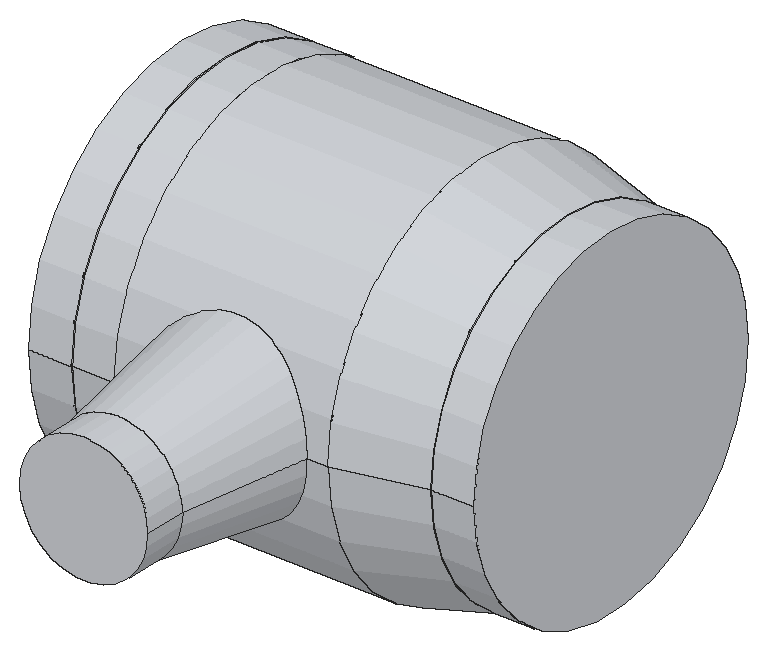
Revit family "M_Round Conical Tee - DTL", category Duct Fittings, Revit 2014
Parameters (values of type "Standard")
  Tap Inset Label [instance] = 3048 mm + if(Tap Angle 1 < 90.00°, Tap Inset 1, if(Tap Angle 1 = 90.00°, Tap Inset 2, Tap Inset 3))  # 3148 mm
  Tap Inset 3 [instance] = if(Tap Angle 1 > 90.00°, Tap Base Diameter 1 / 2 / sin(180.00° - Tap Angle 1) + Body Radius 1 / tan(180.00° - Tap Angle 1), 0 mm)  # 0 mm
  Tap Inset 2 [instance] = if(Tap Angle 1 = 90.00°, Tap Base Radius 1, 0 mm)  # 100 mm
  Length 1 [instance] = if(not(Tap Angle 1 = 90.00°), (tan(Tap Angle 1) * Tap Base Radius 1 + tan(Angle 1) * tan(Tap Angle 1) * Tap Base Radius 1 / tan(Tap Angle 1)) / (tan(Tap Angle 1) - tan(Angle 1)), 0 mm)  # 0 mm
  Angle 1 [instance] = if(not(Tap Angle 1 = 90.00°), atan((Tap Base Center Radius - Tap Base Radius 1) / (Body Radius 1 / sin(Tap Angle 1) + Tap Base Radius 1 / tan(Tap Angle 1))), 1.00°)  # 1.00°
  Tap Inset 1 [instance] = if(Tap Angle 1 < 90.00°, (Length 1 * 2 / 2 - (Body Radius 1 / sin(Tap Angle 1) - Length 1 / tan(Tap Angle 1)) / tan(Tap Angle 1)) * sin(Tap Angle 1), 0 mm)  # 0 mm
  Tap Length 3 [instance] = Body Length 1 + Tap Inset  # 125 mm
  Tap Inset [instance] = 25 mm
  Tap Length 2 [instance] = Tap Length 1 + Tab Collar Length  # 425 mm
  Tap Diameter 3 [instance] = if(Tap Angle 1 > 90.00°, 2 * (((Body Radius 1 * (Tap Base Diameter 1 - Tap Diameter) / sin(180.00° - Tap Angle 1) + (Tap Length + Tap Base Radius 1 / tan(180.00° - Tap Angle 1)) * (Tap Base Diameter 1 - Tap Diameter)) / (2 * (Tap Length + Tap Base Radius 1 / tan(180.00° - Tap Angle 1)) - Tap Base Diameter 1 / tan(180.00° - Tap Angle 1)) + Tap Diameter / 2)), 0 mm)  # 0 mm
  Tap Diameter 2 [instance] = if(Tap Angle 1 < 90.00°, 2 * (((Body Radius 1 * (Tap Base Diameter 1 - Tap Diameter) / sin(Tap Angle 1) + (Tap Length + Tap Base Radius 1 / tan(Tap Angle 1)) * (Tap Base Diameter 1 - Tap Diameter)) / (2 * (Tap Length + Tap Base Radius 1 / tan(Tap Angle 1)) - Tap Base Diameter 1 / tan(Tap Angle 1)) + Tap Diameter / 2)), 0 mm)  # 0 mm
  Tap Diameter 1 [instance] = if(Tap Angle 1 = 90.00°, 2 * ((Tap Base Diameter 1 - Tap Diameter) / (2 * Tap Length) * (Body Radius 1 + Tap Length) + Tap Diameter / 2), 0 mm)  # 275 mm
  Body Radius 1 [instance] = if(Radius In > Radius Out, if(not(Body Radius < Radius In), Body Radius, Radius In), if(not(Body Radius < Radius Out), Body Radius, Radius Out))  # 225 mm
  Tap Radius [instance] = 75 mm
  Radius Out [instance] = 200 mm
  Radius In [instance] = 225 mm
  Tap Offset From Center 2 [instance] = if(Tap Offset From Center = 0 mm, 1 mm, 0 mm)  # 1 mm
  Tap Offset From Center 1 [instance] = 3048 mm - Tap Offset From Center  # 3048 mm
  Tap Offset From Center [instance] = 0 mm
  Body Length 2 [instance] = Collar Out + Length Out 1  # 150 mm
  Length Out 1 [instance] = if(Length Out = 0 mm, 4 mm, Length Out)  # 100 mm
  Body Length 1 [instance] = Collar In + Length In 1  # 100 mm
  Length In 1 [instance] = if(Length In = 0 mm, 2 mm, Length In)  # 50 mm
  Collar Out [instance] = 50 mm
  Length Out [instance] = 100 mm
  Collar In [instance] = 50 mm
  Length In [instance] = 50 mm
  Tap Length 1 [instance] = Body Radius 1 / sin(Tap Angle 1) + if(Tap Angle 1 < 90.00°, Tap Base Radius 1 / tan(Tap Angle 1), if(Tap Angle 1 = 90.00°, 0 mm, Tap Base Radius 1 / tan(180.00° - Tap Angle 1))) + Tap Length  # 375 mm
  Tap Length [instance] = 150 mm
  Length [instance] = 250 mm
  Tap Diameter [instance] = Tap Radius * 2  # 150 mm
  Diameter Out [instance] = Radius Out * 2  # 400 mm
  Diameter In [instance] = Radius In * 2  # 450 mm
  Tab Collar Length [instance] = 50 mm
  Tap Base Radius 1 [instance] = if(Tap Base Radius > Tap Radius, Tap Base Radius, Tap Radius + 25 mm)  # 100 mm
  Body Radius [instance] = 225 mm
  Body Diameter [instance] = Body Radius * 2  # 450 mm
  Tap Base Radius [instance] = 100 mm
  Tap Base Diameter 1 [instance] = Tap Base Radius 1 * 2  # 200 mm
  Tap Base Diameter [instance] = Tap Base Radius * 2  # 200 mm
  Tap Base Center Radius [instance] = Tap Base Center Diameter / 2  # 137.5 mm
  Tap Base Center Diameter [instance] = if(Tap Angle 1 < 90.00°, abs(Tap Diameter 2), if(Tap Angle 1 = 90.00°, abs(Tap Diameter 1), abs(Tap Diameter 3)))  # 275 mm
  Tap Angle 1 [instance] = 90.00°
Reference planes
  plane 1 "Center (Front/Back)": y = 0
  plane 2: z = 0
  plane 3 "Center (Left/Right)": x = 0
  plane 4: x = -125
  plane 5: x = 125
  plane 6: x = -175
  plane 7: x = -225
  plane 8: x = 225
  plane 9: x = 275
  plane 10: z = -3048
  plane 11: z = 0
  plane 12: z = -1
  plane 13: x = 0
  plane 14: x = -100
  plane 15: x = -3148
  plane 16: x = -174.008
  plane 17: x = 224.008
Forms (mm)
  Sweep 1, solid, detail levels medium+fine
    path in 3D
      loop
        line (-225, 0, 0) -> (-174.008, 0, 0)
    profile origin (-199.504, 0, 0) x (0, 1, 0) y (0, 0, 1)
      loop
        circle (0, 0) r 225
  Sweep 2, solid, detail levels medium+fine
    path in 3D
      loop
        line (-125, 0, 0) -> (125, 0, 0)
    profile origin (0, 0, 0) x (0, 1, 0) y (0, 0, 1)
      loop
        circle (0, 0) r 225
  Sweep 3, solid, detail levels medium+fine
    path in 3D
      loop
        line (224.008, 0, 0) -> (275, 0, 0)
    profile origin (249.504, 0, 0) x (0, 1, 0) y (0, 0, 1)
      loop
        circle (0, 0) r 200
  SweptBlend 4, solid, detail levels medium+fine
    path in 3D
      loop
        line (0, 0, 0) -> (0, -375, 0)
    profile origin (0, 0, 0) x (1, 0, 0) y (0, 0, 1)
      loop
        circle (0, 0) r 137.5
    end profile origin (0, -375, 0) x (1, 0, 0) y (0, 0, 1)
      loop
        circle (0, 0) r 75
  Sweep 5, solid, detail levels medium+fine
    path in 3D
      loop
        line (0, 0, 0) -> (0, -425, 0)
    profile origin (0, -212.5, 0) x (1, 0, 0) y (0, 0, 1)
      loop
        circle (0, 0) r 75
  Blend 6, solid, detail levels medium+fine
    base sketch origin (0, 0, 0) x (0, 1, 0) y (0, 0, 1)
      loop
        circle (0, 0) r 225
    top sketch origin (0, 0, 0) x (0, 1, 0) y (0, 0, 1)
      loop
        circle (0, 0) r 225
    from -175 to -125
  Blend 7, solid, detail levels medium+fine
    base sketch origin (0, 0, 0) x (0, 1, 0) y (0, 0, 1)
      loop
        circle (0, 0) r 200
    top sketch origin (0, 0, 0) x (0, 1, 0) y (0, 0, 1)
      loop
        circle (0, 0) r 225
    from 225 to 125
Cuts and joins
  joined: Sweep 2, SweptBlend 4, Sweep 5, Blend 6, Blend 7
Lines and regions (mm)
  reference lines
    curve 1: line (-225, 0, 0) -> (-174.008, 0, 0)
    curve 2: line (224.008, 0, 0) -> (275, 0, 0)
    curve 3: line (-125, 0, 0) -> (125, 0, 0)
    curve 8: line (0, 0, 0) -> (0, -375, 0)
    curve 10: line (0, 0, 0) -> (0, -425, 0)
  sketch lines
    curve 4: line (-225, 0, 0) -> (-174.008, 0, 0)
    curve 5: line (-125, 0, 0) -> (125, 0, 0)
    curve 6: line (224.008, 0, 0) -> (275, 0, 0)
    curve 9: line (0, 0, 0) -> (0, -375, 0)
    curve 11: line (0, 0, 0) -> (0, -425, 0)
  model lines, detail levels coarse
    curve 7: line (0, 0, 0) -> (0, 0, -1)
    curve 12: line (-225, 0, 0) -> (275, 0, 0)
    curve 13: line (0, 0, 0) -> (0, -425, 0)
Dimensions and locks
  "Length": plane 4 to plane 5
  "Length In 1": plane 6 to plane 4
  "Body Length 1": plane 7 to plane 4
  "Length Out 1": plane 5 to plane 8
  "Body Length 2": plane 5 to plane 9
  locked: plane 2 to plane 10 at 3048
  "Tap Offset From Center 1": plane 11 to plane 10
  "Tap Offset From Center 2": plane 11 to plane 12
  "Tap Length 1": curve 8 to curve 8
  "Tap Length 3": plane 7 to plane 14
  locked: plane 15 to plane 14 at 3048
  "Tap Inset Label": plane 15 to plane 13
  "Tap Length 2": curve 10 to curve 10
  locked: plane 6 to plane 16 at 0.992
  locked: plane 17 to plane 8 at 0.992
  "Tap Length 2": curve 13 to curve 13
  locked: plane 13 to plane 3 "Center (Left/Right)" at 0
  "Radius In": radius of Sweep 1 sketch curve
  "Body Radius 1": radius of Sweep 2 sketch curve
  "Radius Out": radius of Sweep 3 sketch curve
  "Tap Base Center Radius": radius of SweptBlend 4 sketch curve
  "Tap Radius": radius of SweptBlend 4 sketch curve
  "Tap Radius": radius of Sweep 5 sketch curve
  "Radius In": radius of Blend 6 sketch curve
  "Body Radius 1": radius of Blend 6 sketch curve
  "Radius Out": radius of Blend 7 sketch curve
  "Body Radius 1": radius of Blend 7 sketch curve
  "Tap Angle 1": angle curve 8 to plane 1 "Center (Front/Back)"
  "Tap Angle 1": angle curve 10 to plane 1 "Center (Front/Back)"
  "Tap Angle 1": angle curve 13 to plane 1 "Center (Front/Back)"
  aligned and locked: plane 7 to curve 1
  aligned and locked: plane 1 "Center (Front/Back)" to curve 1
  aligned and locked: plane 9 to curve 2
  aligned and locked: plane 1 "Center (Front/Back)" to curve 2
  aligned and locked: plane 5 to curve 3
  aligned and locked: plane 1 "Center (Front/Back)" to curve 3
  aligned and locked: plane 2 to curve 7
  aligned and locked: plane 12 to curve 7
  aligned and locked: curve 7 to plane 1 "Center (Front/Back)"
  aligned and locked: plane 1 "Center (Front/Back)" to curve 8
  aligned and locked: plane 13 to curve 10
  aligned and locked: plane 9 to curve 12
  aligned and locked: plane 7 to curve 12
  aligned and locked: plane 1 "Center (Front/Back)" to curve 12
  aligned and locked: plane 1 "Center (Front/Back)" to curve 13
  aligned and locked: plane 13 to curve 13
  aligned and locked: Blend 6 to plane 6
  aligned and locked: plane 4 to Blend 6
  aligned and locked: Blend 7 to plane 8
  aligned and locked: Blend 7 to plane 5
  aligned and locked: plane 16 to curve 1
Automatic sketch dimensions
  Sweep 1 sketch curve to profile plane = 0 mm  (x2)
  Sweep 2 sketch curve to profile plane = 0 mm  (x2)
  Sweep 3 sketch curve to profile plane = 0 mm  (x2)
  SweptBlend 4 sketch curve to profile plane = 0 mm  (x4)
  Sweep 5 sketch curve to profile plane = 0 mm  (x2)
  Blend 6 sketch curve to level = 0 mm  (x2)
  Blend 6 sketch curve to plane 1 "Center (Front/Back)" = 0 mm  (x2)
  Blend 7 sketch curve to level = 0 mm  (x2)
  Blend 7 sketch curve to plane 1 "Center (Front/Back)" = 0 mm  (x2)
  curve 3 to plane 4 = 0 mm
  curve 2 to plane 17 = 0 mm
Connectors
  hvac at (-225, 0, 0), driven by "Radius In"
    settings: on Sweep 1, index 1, duct flow 0.0 L/s, flow factor 0, pres drop 0.0 Pa, loss coef 0, conn angle 0.00°, conn width 304.8 mm, conn height 304.8 mm, conn diameter 450 mm, duct sys type 28, conn prof type 0, flow config 0, flow direction 0, loss method 0, conn ref index 2, conn util no, is conn primary yes, conn desc ""
  hvac at (275, 0, 0), driven by "Radius Out"
    settings: on Sweep 3, index 2, duct flow 0.0 L/s, flow factor 0, pres drop 0.0 Pa, loss coef 0, conn angle 0.00°, conn width 304.8 mm, conn height 304.8 mm, conn diameter 400 mm, duct sys type 28, conn prof type 0, flow config 0, flow direction 0, loss method 0, conn ref index 1, conn util no, is conn primary no, conn desc ""
  hvac at (0, -425, 0), driven by "Tap Radius", driven by "Tap Angle 1"
    settings: on Sweep 5, index 3, duct flow 0.0 L/s, flow factor 0, pres drop 0.0 Pa, loss coef 0, conn angle 90.00°, conn width 304.8 mm, conn height 304.8 mm, conn diameter 150 mm, duct sys type 28, conn prof type 0, flow config 0, flow direction 0, loss method 0, conn ref index -1, conn util no, is conn primary no, conn desc ""
